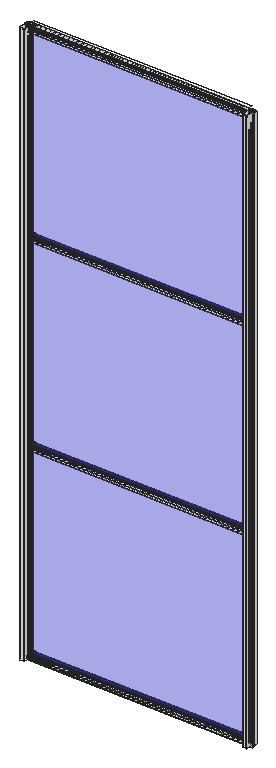
Revit family "Facade_60_Curtain_Wall_E13_Standard", category Windows, host Wall, Revit 2014
Parameters (values of type "F60-E13-3075-2000Pa")
  Windload Design [instance] = if(Custom Windload < 1001 mm, 1000 mm, if(Custom Windload < 1501 mm, 1500 mm, 2000 mm))  # 2000 mm
  Width [instance] = if(Custom Curtain Wall Width < Limit Door Width Min, Limit Door Width Min, if(Custom Curtain Wall Width > Limit Door Width Max, Limit Door Width Max, Custom Curtain Wall Width))  # 2990 mm
  Wall Thickness [instance] = 200 mm
  Vertical Profile Length [instance] = Height - Frame Bottom Gap  # 7460 mm
  URL = "http://www.crealco.co.za/crealco-products.php"
  Type Comments = ""
  Thermal Resistance (R) [instance] = if(IGDB or SAGDB Number = 100100, 1.0000 (m²·K)/W / Intruderprufe U Value, if(IGDB or SAGDB Number = 100100, 1.0000 (m²·K)/W / Intruderprufe U Value, if(IGDB or SAGDB Number = 105003, 1.0000 (m²·K)/W / Intruderprufe Insulated U Value, if(IGDB or SAGDB Number = 105004, 1.0000 (m²·K)/W / Intruderprufe Insulated LowE U Value, 1.0000 (m²·K)/W / 7.9)))) * 1  # 0.126582 (m²·K)/W
  Thermal Break Material = Plastic, Opaque Black
  Solar Heat Gain Coefficient [instance] = if(IGDB or SAGDB Number = 100100, Intruderprufe SHGC Value, if(IGDB or SAGDB Number = 103200, Intruderprufe LowE SHGC Value, if(IGDB or SAGDB Number = 105003, Intruderprufe Insulated SHGC Value, if(IGDB or SAGDB Number = 105004, Intruderprufe Insulated LowE SHGC Value, 0))))  # 0
  Single Glazing [instance] = if(DG Forced, 1 = 0, not(Double Glazing))  # no
  Sill Height = 85 mm  # constant formula
  SG Forced [instance] = not(DG Forced)  # no
  Quarter Expansion Break = yes
  Overall Width [instance] = 2990 mm
  Overall Height [instance] = 7490 mm
  Mullion Configuration = 1 mm  # constant formula
  Model = "Façade 60 "  # constant formula
  Transom Vertical Spacing [instance] = (Height - Frame Bottom Gap - (4 mm * 60)) / 3  # 2406.667 mm
  Mid Glazing Bottom Gap [instance] = Frame Bottom Gap + 60 mm + Transom Vertical Spacing + 39.8 mm  # 2536.467 mm
  Max System DG Unit Thickness = 25 mm  # constant formula
  Max System DG One Piece Thickness [instance] = rounddown((Max System DG Unit Thickness - DG Gasket Thickness) / 2 mm) * 1 mm  # 6 mm
  Max Pane Area [instance] = Glazing Width * Glazing Height  # 7.12194 m²
  Manufacturer = "Crealco"  # constant formula
  Limit Door Width Min = Limit Panel Width Min + (2 * Glazing Side Gap)  # 379.6 mm
  Limit Door Width Max = Limit Panel Width Max + (2 * Glazing Side Gap)  # 3079.6 mm
  Limit Door Height Min = (3 * Limit Panel Height Min) + 69.8 mm + (2 mm * 19.6) + 39.8 mm  # 1048.8 mm
  Limit Door Height Max = (3 * Limit Panel Height Max) + 69.8 mm + (2 mm * 19.6) + 39.8 mm  # 18148.8 mm
  Limit Panel Width Min = 300 mm  # constant formula
  Limit Panel Width Max = 3000 mm  # constant formula
  Limit Panel Height Min = 300 mm  # constant formula
  Limit Panel Height Max = 6000 mm  # constant formula
  Sill Length [instance] = Width  # 2990 mm
  Length Sill [instance] = Width  # 2990 mm
  Keynote = ""
  Jamb Width = 60 mm  # constant formula
  Intruderprufe U Value = 5.75
  Intruderprufe SHGC Value = 0.748
  Intruderprufe LowE U Value = 3.98
  Intruderprufe LowE SHGC Value = 0.655
  Intruderprufe Insulated U Value = 2.88
  Intruderprufe Insulated SHGC Value = 0.643
  Intruderprufe Insulated LowE U Value = 2.17
  Intruderprufe Insulated LowE SHGC Value = 0.579
  Horizontal Profile Length [instance] = Width - (2 * Jamb Width)  # 2870 mm
  Half Expansion Break = no
  Glazing Width [instance] = Horizontal Profile Length + (2 mm * 20.2)  # 2910.4 mm
  Glazing Top Gap = 39.8 mm  # constant formula
  Glazing Side Gap = 39.8 mm  # constant formula
  Glazing Height [instance] = (Height - Glazing Top Gap - Glazing Bottom Gap - (2 * (60 mm - 20.2 mm - 20.2 mm))) / 3  # 2447.067 mm
  Glazing Gap SG [instance] = (14 mm - SG Thickness) / 2  # 2 mm
  Glazing Gap DG [instance] = (28 mm - (DG Thickness + DG Thickness + DG Gasket Thickness)) / 2  # 2 mm
  Glazing Bottom Gap = 69.8 mm  # constant formula
  Frame Thickness = 101.8 mm  # constant formula
  Frame Bottom Gap = 30 mm  # constant formula
  Door Leaf Height [instance] = 2050 mm
  Double Glazing [instance] = yes
  DG Thickness Calc [instance] = if(not(Max Pane Area > 1.125 m²), 4 mm, if(not(Max Pane Area > 2.25 m²), 4 mm, if(not(Max Pane Area > 3.15 m²), 5 mm, if(not(Max Pane Area > 4.35 m²), 6 mm, if(not(Max Pane Area > 6.45 m²), 8 mm, 10 mm)))))  # 10 mm
  DG Thickness [instance] = if(IGDB or SAGDB Number = 105003, 6 mm, if(IGDB or SAGDB Number = 105004, 7 mm, if(DG Thickness Calc > Max System DG One Piece Thickness, Max System DG One Piece Thickness, DG Thickness Calc)))  # 6 mm
  DG Gasket Thickness = 12 mm  # constant formula
  DG Gasket Finish [instance] = Double Glazing Gasket Material
  DG Forced [instance] = if(IGDB or SAGDB Number = 100100, 1 = 0, if(IGDB or SAGDB Number = 103200, 1 = 0, if(IGDB or SAGDB Number = 105003, 1 = 1, if(IGDB or SAGDB Number = 105004, 1 = 1, Double Glazing))))  # yes
  IGDB or SAGDB Number [instance] = 0
  Height [instance] = if(Custom Curtain Wall Height < Limit Door Height Min, Limit Door Height Min, if(Custom Curtain Wall Height > Limit Door Height Max, Limit Door Height Max, Custom Curtain Wall Height))  # 7490 mm
  Heat Transfer Coefficient (U) [instance] = if(IGDB or SAGDB Number = 100100, Intruderprufe U Value, if(IGDB or SAGDB Number = 103200, Intruderprufe LowE U Value, if(IGDB or SAGDB Number = 105003, Intruderprufe Insulated U Value, if(IGDB or SAGDB Number = 105004, Intruderprufe Insulated LowE U Value, 7.9)))) * 1.0000 W/(m²·K)  # 7.9000 W/(m²·K)
  SG Thickness [instance] = if(IGDB or SAGDB Number = 100100, 6 mm, if(IGDB or SAGDB Number = 103200, 7 mm, if(not(Max Pane Area > 0.75 m²), 4 mm, if(not(Max Pane Area > 1.50 m²), 4 mm, if(not(Max Pane Area > 2.10 m²), 5 mm, if(not(Max Pane Area > 2.90 m²), 6.4 mm, if(not(Max Pane Area > 4.30 m²), 8 mm, 10 mm)))))))  # 10 mm
  Glazing Material [instance] = if(IGDB or SAGDB Number = 100100, "PFG INTRUDERPRUFE 6.38mm", if(IGDB or SAGDB Number = 103200, "PFG INTRUDERPRUFE LOW-E 7.38mm", if(IGDB or SAGDB Number = 105003, "PFG 25mm INTRUDERPRUFE INSULATED GLASS", if(IGDB or SAGDB Number = 105004, "PFG 25mm INTRUDERPRUFE INSULATED GLASS LOW-E", "Unknown"))))  # "Unknown"
  Glazing Finish [instance] = Glass
  Glazing Code [instance] = if(IGDB or SAGDB Number = 100100, "LAM01", if(IGDB or SAGDB Number = 103200, "LAM01E", if(IGDB or SAGDB Number = 105003, "IGU25", if(IGDB or SAGDB Number = 105004, "IGU25E", "Unknown"))))  # "Unknown"
  Frame Offset From Exterior [instance] = if(Centered In Wall, (Wall Thickness - Frame Thickness) / 2, Custom Offset From Exterior) + 5.9 mm  # 55 mm
  Description = "Curtain wall, E13"  # constant formula
  Default Sill Height = 0 mm
  Wall Closure = By host
  Custom Curtain Wall Width = 2990 mm
  Custom Curtain Wall Height = 7490 mm
  Custom Windload = 2000 mm
  Custom Offset From Exterior = 10 mm
  Centered In Wall [instance] = 1 = 1  # yes
  Aluminium Finish [instance] = White Powder Coated Aluminium ANP 1052
  All Available Glazing Numbers [instance] = "The rows below list the available glazing materials for this window:"  # constant formula
  190mm Mullion = if(Mullion Configuration = 3 mm, 1 = 1, 1 = 0)  # no
  160mm Mullion = if(Mullion Configuration = 2 mm, 1 = 1, 1 = 0)  # no
  105004 [instance] = "IGU25E"  # constant formula
  105003 [instance] = "IGU25"  # constant formula
  103200 [instance] = "LAM01E"  # constant formula
  100mm Mullion = if(or(Mullion Configuration = 2 mm, Mullion Configuration = 3 mm), 1 = 0, 1 = 1)  # yes
  100100 [instance] = "LAM01"  # constant formula
Reference planes
  plane 1 "Center (Front/Back)": y = 0
  plane 2 "Center (Left/Right)": x = 0
  plane 3 "Left": x = -1495
  plane 4 "Right": x = 1495
  plane 5 "Sill": z = 0
  plane 6 "Head": z = 7490
  plane 7 "Exterior": y = 100
  plane 8 "Interior": y = -100
Lines and regions (mm)
  Opening 1
    outline origin (3507.082, -100, 0) x (1, 0, 0) y (0, 0, 1)
      loop
        line (-2012.082, 0) -> (-2012.082, 7490) -> (-5002.082, 7490) -> (-5002.082, 0) -> (-2012.082, 0)
Text (mm)
  text "EXTERIOR" at (-1963.203, 1332.353, 0), in view "Ref. Level"
  text "INTERIOR" at (-1981.466, -818.386, 0), in view "Ref. Level"
  text "Exterior" at (0, 923.751, 2943.296), in view "Right"
  text "Exterior" at (0, 1040.484, 2685.409), in view "Left"
Dimensions and locks
  equal spacing: plane 3 "Left", plane 2 "Center (Left/Right)", plane 4 "Right"
  "Width": plane 3 "Left" to plane 4 "Right"
  "Height": plane 5 "Sill" to plane 6 "Head"
  "Default Sill Height": plane 5 "Sill" to level
  locked: plane 7 "Exterior" to host wall at 0
  locked: plane 8 "Interior" to host wall
  "Overall Height": plane 6 "Head" to plane 5 "Sill"
  "Overall Width": plane 3 "Left" to plane 4 "Right"
  "Wall Thickness": host wall to host wall
  "Jamb Width": nested 3 to plane 4 "Right"
  "Jamb Width": nested 5 to plane 4 "Right"
  "Frame Bottom Gap": nested 5 to level
  "Frame Offset From Exterior": nested 1 to plane 7 "Exterior"
  "Glazing Side Gap": nested 6 to plane 4 "Right"
  "Glazing Top Gap": nested 6 to plane 6 "Head"
  "Glazing Gap SG": nested 6 to nested 1
  "Glazing Side Gap": nested 7 to plane 4 "Right"
  "Glazing Top Gap": nested 7 to plane 6 "Head"
  "Glazing Gap DG": nested 7 to nested 1
  "Jamb Width": nested 8 to plane 4 "Right"
  "Glazing Side Gap": nested 9 to plane 4 "Right"
  "Glazing Side Gap": nested 10 to plane 4 "Right"
  "Glazing Gap SG": nested 10 to nested 1
  "Glazing Gap DG": nested 9 to nested 1
  "Glazing Bottom Gap": nested 9 to level
  "Glazing Bottom Gap": nested 10 to level
  locked: nested 1 to nested 5 at 8.887
  "Transom Vertical Spacing": nested 8 to nested 5
  "Jamb Width": nested 11 to plane 4 "Right"
  "Transom Vertical Spacing": nested 11 to nested 8
  "Glazing Side Gap": nested 12 to plane 4 "Right"
  "Glazing Side Gap": nested 13 to plane 4 "Right"
  "Glazing Gap SG": nested 13 to nested 1
  "Glazing Gap DG": nested 12 to nested 1
  "Mid Glazing Bottom Gap": nested 12 to level
  "Mid Glazing Bottom Gap": nested 13 to level
  aligned and locked: plane 4 "Right" to nested 1
  aligned and locked: nested 1 to plane 6 "Head"
  aligned and locked: plane 3 "Left" to nested 2
  aligned and locked: plane 6 "Head" to nested 2
  aligned and locked: nested 3 to plane 6 "Head"
  aligned and locked: nested 1 to nested 3
  aligned and locked: nested 4 to level
  aligned and locked: plane 4 "Right" to nested 4
  aligned and locked: nested 1 to nested 2
  aligned and locked: nested 5 to nested 4
  aligned and locked: nested 8 to nested 3
  aligned and locked: nested 11 to nested 3
Automatic sketch dimensions
  plane 3 "Left" to Opening 1 sketch curve = 0 mm
  plane 4 "Right" to Opening 1 sketch curve = 0 mm
  Opening 1 sketch curve to plane 5 "Sill" = 0 mm
  Opening 1 sketch curve to plane 6 "Head" = 0 mm
Nested families
  nested 1: "F60 Vertical Profile Side_E13_Std" at (1495, -1.058, 30) x (-1, 0, 0) z (0, 0, 1), Thermal Break Material <- "Thermal Break Material", Profile Material <- "Aluminium Finish", Length <- "Vertical Profile Length", Single Glazing <- "SG Forced", Double Glazing <- "DG Forced", 100mm Mullion <- "100mm Mullion", 160mm Mullion <- "160mm Mullion", 190mm Mullion <- "190mm Mullion", Quarter Expansion Break <- "Quarter Expansion Break", Half Expansion Break <- "Half Expansion Break", type "F60 Vertical Profile Side_E13_Std"
    with Thermal Break Material Plastic, Opaque Black, Single Glazing no, Quarter SG Expansion Break no, Quarter Length 1865 mm, Quarter Expansion Break yes, Quarter DG Expansion Break yes, Quarter 190mm Expansion Break no, Quarter 160mm Expansion Break no, Quarter 100mm Expansion Break yes, Profile Material White Powder Coated Aluminium ANP 1052, Length 7460 mm, Half SG Expansion Break no, Half Length 3730 mm, Half Expansion Break no, Half DG Expansion Break no, Half 190mm Expansion Joint no, Half 160mm Expansion Break no, Half 100mm Expansion Break no, Double Glazing yes, 190mm Mullion no, 160mm Mullion no, 100mm Mullion yes
  nested 2: "F60 Vertical Profile Side_E13_Std" at (-1495, -1.058, 30), Thermal Break Material <- "Thermal Break Material", Profile Material <- "Aluminium Finish", Length <- "Vertical Profile Length", Single Glazing <- "SG Forced", Double Glazing <- "DG Forced", 100mm Mullion <- "100mm Mullion", 160mm Mullion <- "160mm Mullion", 190mm Mullion <- "190mm Mullion", Quarter Expansion Break <- "Quarter Expansion Break", Half Expansion Break <- "Half Expansion Break", type "F60 Vertical Profile Side_E13_Std"
    with Thermal Break Material Plastic, Opaque Black, Single Glazing no, Quarter SG Expansion Break no, Quarter Length 1865 mm, Quarter Expansion Break yes, Quarter DG Expansion Break yes, Quarter 190mm Expansion Break no, Quarter 160mm Expansion Break no, Quarter 100mm Expansion Break yes, Profile Material White Powder Coated Aluminium ANP 1052, Length 7460 mm, Half SG Expansion Break no, Half Length 3730 mm, Half Expansion Break no, Half DG Expansion Break no, Half 190mm Expansion Joint no, Half 160mm Expansion Break no, Half 100mm Expansion Break no, Double Glazing yes, 190mm Mullion no, 160mm Mullion no, 100mm Mullion yes
  nested 3: "F60 Horizontal Profile Top_E13_Std" at (1435, -50.858, 7430) x (-1, 0, 0) z (0, 0, 1), Thermal Break Material <- "Thermal Break Material", Profile Material <- "Aluminium Finish", Length <- "Horizontal Profile Length", Single Glazing <- "SG Forced", Double Glazing <- "DG Forced", type "F60 Horizontal Profile Top_E13_Std"
    with Thermal Break Material Plastic, Opaque Black, Single Glazing no, Profile Material White Powder Coated Aluminium ANP 1052, Length 2870 mm, Double Glazing yes
  nested 4: "F60 Sill_E13_Std" at (1495, -13.486, -1.88) x (-1, 0, 0) z (0, 0, 1), Profile Material <- "Aluminium Finish", Length Sill <- "Length Sill", type "F60 Sill_E13_Std"
    with Profile Material White Powder Coated Aluminium ANP 1052, Length Sill 2990 mm
  nested 5: "F60 Horizontal Profile Bottom_E13_Std" at (1435, -50.858, 30) x (-1, 0, 0) z (0, 0, 1), Thermal Break Material <- "Thermal Break Material", Profile Material <- "Aluminium Finish", Length <- "Horizontal Profile Length", Single Glazing <- "SG Forced", Double Glazing <- "DG Forced", type "F60 Horizontal Profile Bottom_E13_Std"
    with Thermal Break Material Plastic, Opaque Black, Single Glazing no, Profile Material White Powder Coated Aluminium ANP 1052, Length 2870 mm, Double Glazing yes
  nested 6: "F60_Single_Glazing_E13_Std" at (1455.2, 10.942, 5003.133), Glazing Width <- "Glazing Width", Glazing Height <- "Glazing Height", SG Thickness <- "SG Thickness", Glazing Finish <- "Glazing Finish", visible <- "SG Forced", type "F60_Single_Glazing_E13_Std"
    with SG Thickness 10 mm, Glazing Width 2910.4 mm, Glazing Height 2447.067 mm, Glazing Finish Glass
  nested 7: "F60_Double_Glazing_E13_Std" at (1455.2, 24.942, 5003.133), Glazing Material <- "Glazing Finish", Double Glazing Gasket Material <- "DG Gasket Finish", Glazing Width <- "Glazing Width", Glazing Height <- "Glazing Height", Glazing Thickness DG <- "DG Thickness", Double Glazing Gasket Thickness <- "DG Gasket Thickness", visible <- "DG Forced", type "F60_Double_Glazing_E13_Std"
    with Glazing Width 2910.4 mm, Glazing Thickness DG 6 mm, Glazing Material Glass, Glazing Height 2447.067 mm, Double Glazing Gasket Thickness 12 mm, Double Glazing Gasket Material Double Glazing Gasket Material
  nested 8: "F60 Horizontal Profile Middle_E13_Std" at (1435, -50.858, 2496.667) x (-1, 0, 0) z (0, 0, 1), Thermal Break Material <- "Thermal Break Material", Profile Material <- "Aluminium Finish", Length <- "Horizontal Profile Length", Single Glazing <- "SG Forced", Double Glazing <- "DG Forced", type "F60 Horizontal Profile Middle_E13_Std"
    with Thermal Break Material Plastic, Opaque Black, Single Glazing no, Profile Material White Powder Coated Aluminium ANP 1052, Length 2870 mm, Double Glazing yes
  nested 9: "F60_Double_Glazing_E13_Std" at (1455.2, 24.942, 69.8), Glazing Material <- "Glazing Finish", Double Glazing Gasket Material <- "DG Gasket Finish", Glazing Width <- "Glazing Width", Glazing Height <- "Glazing Height", Glazing Thickness DG <- "DG Thickness", Double Glazing Gasket Thickness <- "DG Gasket Thickness", visible <- "DG Forced", type "F60_Double_Glazing_E13_Std"
    with Glazing Width 2910.4 mm, Glazing Thickness DG 6 mm, Glazing Material Glass, Glazing Height 2447.067 mm, Double Glazing Gasket Thickness 12 mm, Double Glazing Gasket Material Double Glazing Gasket Material
  nested 10: "F60_Single_Glazing_E13_Std" at (1455.2, 10.942, 69.8), Glazing Width <- "Glazing Width", Glazing Height <- "Glazing Height", SG Thickness <- "SG Thickness", Glazing Finish <- "Glazing Finish", visible <- "SG Forced", type "F60_Single_Glazing_E13_Std"
    with SG Thickness 10 mm, Glazing Width 2910.4 mm, Glazing Height 2447.067 mm, Glazing Finish Glass
  nested 11: "F60 Horizontal Profile Middle_E13_Std" at (1435, -50.858, 4963.333) x (-1, 0, 0) z (0, 0, 1), Thermal Break Material <- "Thermal Break Material", Profile Material <- "Aluminium Finish", Length <- "Horizontal Profile Length", Single Glazing <- "SG Forced", Double Glazing <- "DG Forced", type "F60 Horizontal Profile Middle_E13_Std"
    with Thermal Break Material Plastic, Opaque Black, Single Glazing no, Profile Material White Powder Coated Aluminium ANP 1052, Length 2870 mm, Double Glazing yes
  nested 12: "F60_Double_Glazing_E13_Std" at (1455.2, 24.942, 2536.467), Glazing Material <- "Glazing Finish", Double Glazing Gasket Material <- "DG Gasket Finish", Glazing Width <- "Glazing Width", Glazing Height <- "Glazing Height", Glazing Thickness DG <- "DG Thickness", Double Glazing Gasket Thickness <- "DG Gasket Thickness", visible <- "DG Forced", type "F60_Double_Glazing_E13_Std"
    with Glazing Width 2910.4 mm, Glazing Thickness DG 6 mm, Glazing Material Glass, Glazing Height 2447.067 mm, Double Glazing Gasket Thickness 12 mm, Double Glazing Gasket Material Double Glazing Gasket Material
  nested 13: "F60_Single_Glazing_E13_Std" at (1455.2, 10.942, 2536.467), Glazing Width <- "Glazing Width", Glazing Height <- "Glazing Height", SG Thickness <- "SG Thickness", Glazing Finish <- "Glazing Finish", visible <- "SG Forced", type "F60_Single_Glazing_E13_Std"
    with SG Thickness 10 mm, Glazing Width 2910.4 mm, Glazing Height 2447.067 mm, Glazing Finish Glass
Definition of nested family "F60 Vertical Profile Side_E13_Std"
  Parameters (values of type "F60 Vertical Profile Side")
    Quarter SG Expansion Break [instance] = if(and(Quarter Expansion Break, Single Glazing), 1 = 1, 1 = 0)  # yes
    Quarter Length [instance] = Length / 4  # 62.5 mm
    Thermal Break Material [instance] = none
    Single Glazing [instance] = yes
    Quarter Expansion Break [instance] = yes
    Quarter DG Expansion Break [instance] = if(and(Quarter Expansion Break, Double Glazing), 1 = 1, 1 = 0)  # yes
    Quarter 190mm Expansion Break [instance] = if(and(Quarter Expansion Break, [190mm Mullion]), 1 = 1, 1 = 0)  # yes
    Quarter 160mm Expansion Break [instance] = if(and(Quarter Expansion Break, [160mm Mullion]), 1 = 1, 1 = 0)  # yes
    Quarter 100mm Expansion Break [instance] = if(and(Quarter Expansion Break, [100mm Mullion]), 1 = 1, 1 = 0)  # yes
    Profile Material [instance] = none
    Length [instance] = 250 mm
    Half SG Expansion Break [instance] = if(and(Half Expansion Break, Single Glazing), 1 = 1, 1 = 0)  # yes
    Half Length [instance] = Length / 2  # 125 mm
    Half Expansion Break [instance] = yes
    Half DG Expansion Break [instance] = if(and(Half Expansion Break, Double Glazing), 1 = 1, 1 = 0)  # yes
    Half 190mm Expansion Joint [instance] = if(and(Half Expansion Break, [190mm Mullion]), 1 = 1, 1 = 0)  # yes
    Half 160mm Expansion Break [instance] = if(and(Half Expansion Break, [160mm Mullion]), 1 = 1, 1 = 0)  # yes
    Half 100mm Expansion Break [instance] = if(and(Half Expansion Break, [100mm Mullion]), 1 = 1, 1 = 0)  # yes
    Double Glazing [instance] = yes
    190mm Mullion [instance] = yes
    160mm Mullion [instance] = yes
    100mm Mullion [instance] = yes
  Reference planes
    plane 1 "Center (Front/Back)": y = 0
    plane 2: z = 0
    plane 3 "Center (Left/Right)": x = 0
  Forms (mm)
    Extrusion 1, solid, material <- "Profile Material"
      sketch origin (0, 0, 0) x (1, 0, 0) y (0, 1, 0)
        loop
          arc (25.249, -8.7) -> (25.484, -9.266) -> (26.049, -9.5) r 0.8
          line (26.049, -9.5) -> (27.1, -9.5) -> (27.1, 7) -> (32.902, 7) -> (32.902, -9.5) -> (33.951, -9.5)
          arc (33.951, -9.5) -> (34.516, -9.266) -> (34.751, -8.7) r 0.8
          line (34.751, -8.7) -> (34.751, 6.2)
          arc (34.751, 6.2) -> (34.985, 6.766) -> (35.551, 7) r 0.8
          line (35.551, 7) -> (52.1, 7) -> (52.1, 5.4) -> (50.55, 5.4) -> (50.55, 4.55)
          arc (50.55, 4.55) -> (50.726, 4.126) -> (51.15, 3.95) r 0.6
          line (51.15, 3.95) -> (52.1, 3.95) -> (52.1, 1)
          arc (52.1, 1) -> (51.6, 0.5) -> (52.1, 0) r 0.5
          line (52.1, 0) -> (54.45, 0) -> (54.45, 1.15) -> (53.3, 1.15) -> (53.3, 2.45) -> (58.8, 2.45) -> (58.8, 1.15) -> (57.65, 1.15) -> (57.65, 0) -> (59.5, 0)
          arc (59.5, 0) -> (59.854, 0.146) -> (60, 0.5) r 0.5
          line (60, 0.5) -> (60, 3.9) -> (53.55, 3.9) -> (53.55, 7.6)
          arc (53.55, 7.6) -> (53.316, 8.166) -> (52.75, 8.4) r 0.8
          line (52.75, 8.4) -> (30, 8.4) -> (7.25, 8.4)
          arc (7.25, 8.4) -> (6.684, 8.166) -> (6.45, 7.6) r 0.8
          line (6.45, 7.6) -> (6.45, 3.9) -> (0, 3.9) -> (0, 0.5)
          arc (0, 0.5) -> (0.146, 0.146) -> (0.5, 0) r 0.5
          line (0.5, 0) -> (2.35, 0) -> (2.35, 1.15) -> (1.2, 1.15) -> (1.2, 2.45) -> (6.7, 2.45) -> (6.7, 1.15) -> (5.55, 1.15) -> (5.55, 0) -> (7.9, 0)
          arc (7.9, 0) -> (8.4, 0.5) -> (7.9, 1) r 0.5
          line (7.9, 1) -> (7.9, 3.95) -> (8.85, 3.95)
          arc (8.85, 3.95) -> (9.274, 4.126) -> (9.45, 4.55) r 0.6
          line (9.45, 4.55) -> (9.45, 5.4) -> (7.9, 5.4) -> (7.9, 7) -> (24.449, 7)
          arc (24.449, 7) -> (25.015, 6.766) -> (25.249, 6.2) r 0.8
          line (25.249, 6.2) -> (25.249, -8.7)
      from 0 to 250 <- "Length"
    Extrusion 2, solid, material <- "Thermal Break Material"
      sketch origin (0, 0, 0) x (1, 0, 0) y (0, 1, 0)
        loop
          line (1.75, 9.8) -> (1.75, 5.2) -> (0, 5.2) -> (0, 3.9) -> (6.35, 3.9) -> (6.35, 7.856)
          arc (6.35, 7.856) -> (6.526, 8.281) -> (6.95, 8.456) r 0.6
          line (6.95, 8.456) -> (30, 8.456) -> (53.05, 8.456)
          arc (53.05, 8.456) -> (53.474, 8.281) -> (53.65, 7.856) r 0.6
          line (53.65, 7.856) -> (53.65, 3.9) -> (60, 3.9) -> (60, 5.2) -> (58.25, 5.2) -> (58.25, 9.8) -> (30, 9.8) -> (1.75, 9.8)
      from 0 to 250 <- "Length"
    Extrusion 3, solid, material <- "Thermal Break Material", visible <- "Single Glazing"
      sketch origin (0, 0, 0) x (1, 0, 0) y (0, 1, 0)
        loop
          line (25.749, -14.011) -> (27.672, -14.011) -> (28.481, -12.611) -> (31.518, -12.611) -> (32.327, -14.011) -> (34.249, -14.011)
          arc (34.249, -14.011) -> (34.603, -13.864) -> (34.749, -13.511) r 0.5
          line (34.749, -13.511) -> (34.749, -10.011)
          arc (34.749, -10.011) -> (34.603, -9.657) -> (34.249, -9.511) r 0.5
          line (34.249, -9.511) -> (32.352, -9.511) -> (32.352, 0.19) -> (31.349, 2.261)
          arc (31.349, 2.261) -> (29.999, 2.986) -> (28.649, 2.261) r 1.62
          line (28.649, 2.261) -> (27.647, 0.19) -> (27.647, -9.511) -> (25.749, -9.511)
          arc (25.749, -9.511) -> (25.396, -9.657) -> (25.249, -10.011) r 0.5
          line (25.249, -10.011) -> (25.249, -13.511)
          arc (25.249, -13.511) -> (25.396, -13.864) -> (25.749, -14.011) r 0.5
        loop
          line (28.504, -10.005) -> (28.504, -10.861)
          arc (28.504, -10.861) -> (28.651, -11.214) -> (29.004, -11.361) r 0.5
          line (29.004, -11.361) -> (30.994, -11.361)
          arc (30.994, -11.361) -> (31.348, -11.214) -> (31.494, -10.861) r 0.5
          line (31.494, -10.861) -> (31.494, -10.005) -> (30.708, -9.219)
          arc (30.708, -9.219) -> (30.383, -9.001) -> (29.999, -8.924) r 1.007
          arc (29.999, -8.924) -> (29.616, -8.999) -> (29.292, -9.217) r 0.986
          line (29.292, -9.217) -> (28.504, -10.005)
        loop
          arc (30.896, 1.935) -> (29.887, 2.44) -> (29.005, 1.735) r 1.047
          line (29.005, 1.735) -> (28.347, 0.374) -> (28.347, -6.993)
          arc (28.347, -6.993) -> (28.583, -7.417) -> (29.068, -7.441) r 0.5
          arc (29.068, -7.441) -> (29.999, -7.223) -> (30.93, -7.441) r 2.099
          arc (30.93, -7.441) -> (31.416, -7.417) -> (31.652, -6.993) r 0.5
          line (31.652, -6.993) -> (31.652, 0.374) -> (30.896, 1.935)
      from 0 to 250 <- "Length"
    Extrusion 4, solid, material <- "Profile Material", visible <- "Single Glazing"
      sketch origin (0, 0, 0) x (1, 0, 0) y (0, 1, 0)
        loop
          line (52.693, -14.011) -> (32.327, -14.011) -> (31.519, -12.611) -> (28.481, -12.611) -> (27.673, -14.011) -> (7.307, -14.011) -> (7.307, -15.011) -> (8.457, -15.011) -> (8.457, -16.261) -> (2.957, -16.261) -> (2.957, -15.011) -> (4.107, -15.011) -> (4.107, -14.011) -> (1.707, -14.011)
          arc (1.707, -14.011) -> (1.199, -14.293) -> (1.168, -14.873) r 0.6
          line (1.168, -14.873) -> (2.093, -16.772) -> (1.015, -17.298) -> (1.484, -18.261) -> (11.488, -18.261)
          arc (11.488, -18.261) -> (11.913, -18.085) -> (12.088, -17.661) r 0.6
          line (12.088, -17.661) -> (12.088, -16.811) -> (47.912, -16.811) -> (47.912, -17.661)
          arc (47.912, -17.661) -> (48.088, -18.085) -> (48.512, -18.261) r 0.6
          line (48.512, -18.261) -> (58.518, -18.261) -> (58.987, -17.298) -> (57.908, -16.772) -> (58.834, -14.874)
          arc (58.834, -14.874) -> (58.802, -14.293) -> (58.293, -14.011) r 0.6
          line (58.293, -14.011) -> (55.893, -14.011) -> (55.893, -15.011) -> (57.043, -15.011) -> (57.043, -16.261) -> (51.543, -16.261) -> (51.543, -15.011) -> (52.693, -15.011) -> (52.693, -14.011)
      from 0 to 250 <- "Length"
    Extrusion 5, solid, material <- "Profile Material", visible <- "Single Glazing"
      sketch origin (0, 0, 0) x (1, 0, 0) y (0, 1, 0)
        loop
          line (2.801, -18.261) -> (1.484, -18.261) -> (1.015, -17.298) -> (2.093, -16.772) -> (0.779, -14.076)
          arc (0.779, -14.076) -> (0.239, -14.21) -> (0.001, -14.713) r 0.65
          line (0.001, -14.713) -> (0.001, -28.068)
          arc (0.001, -28.068) -> (1.172, -30.897) -> (4.001, -32.068) r 4
          line (4.001, -32.068) -> (30.001, -32.068) -> (56.001, -32.068)
          arc (56.001, -32.068) -> (58.829, -30.897) -> (60.001, -28.068) r 4
          line (60.001, -28.068) -> (60.001, -14.713)
          arc (60.001, -14.713) -> (59.763, -14.21) -> (59.223, -14.076) r 0.65
          line (59.223, -14.076) -> (57.908, -16.772) -> (58.987, -17.298) -> (58.518, -18.261) -> (57.201, -18.261)
          arc (57.201, -18.261) -> (56.83, -18.425) -> (56.703, -18.811) r 0.5
          arc (56.703, -18.811) -> (56.83, -19.196) -> (57.201, -19.361) r 0.5
          line (57.201, -19.361) -> (58.951, -19.361) -> (58.951, -27.968)
          arc (58.951, -27.968) -> (58.131, -29.948) -> (56.151, -30.768) r 2.8
          line (56.151, -30.768) -> (30.001, -30.768) -> (3.851, -30.768)
          arc (3.851, -30.768) -> (1.871, -29.948) -> (1.051, -27.968) r 2.8
          line (1.051, -27.968) -> (1.051, -19.361) -> (2.801, -19.361)
          arc (2.801, -19.361) -> (3.172, -19.196) -> (3.298, -18.811) r 0.5
          arc (3.298, -18.811) -> (3.172, -18.425) -> (2.801, -18.261) r 0.5
      from 0 to 250 <- "Length"
    Extrusion 6, solid, material <- "Profile Material", visible <- "100mm Mullion"
      sketch origin (0, 0, 0) x (1, 0, 0) y (0, 1, 0)
        loop
          line (14.02, 13) -> (45.98, 13)
          arc (45.98, 13) -> (46.539, 12.842) -> (46.917, 12.4) r 1
          arc (46.917, 12.4) -> (47.285, 11.963) -> (47.833, 11.8) r 1
          line (47.833, 11.8) -> (58.15, 11.8) -> (58.15, 96.3) -> (47.833, 96.3)
          arc (47.833, 96.3) -> (47.285, 96.137) -> (46.917, 95.7) r 1
          arc (46.917, 95.7) -> (46.548, 95.263) -> (46, 95.1) r 1
          line (46, 95.1) -> (14, 95.1)
          arc (14, 95.1) -> (13.452, 95.263) -> (13.083, 95.7) r 1
          arc (13.083, 95.7) -> (12.715, 96.137) -> (12.167, 96.3) r 1
          line (12.167, 96.3) -> (1.85, 96.3) -> (1.85, 11.8) -> (12.167, 11.8)
          arc (12.167, 11.8) -> (12.715, 11.963) -> (13.083, 12.4) r 1
          arc (13.083, 12.4) -> (13.461, 12.842) -> (14.02, 13) r 1
        loop
          line (1.65, 9.856) -> (58.35, 9.856) -> (58.35, 5.2) -> (60, 5.2) -> (60, 98.8)
          arc (60, 98.8) -> (59.707, 99.507) -> (59, 99.8) r 1
          line (59, 99.8) -> (1, 99.8)
          arc (1, 99.8) -> (0.293, 99.507) -> (0, 98.8) r 1
          line (0, 98.8) -> (0, 5.2) -> (1.65, 5.2) -> (1.65, 9.856)
      from 0 to 250 <- "Length"
    Extrusion 7, solid, material <- "Profile Material", visible <- "160mm Mullion"
      sketch origin (0, 0, 0) x (1, 0, 0) y (0, 1, 0)
        loop
          arc (2.35, 15.6) -> (2.526, 15.176) -> (2.95, 15) r 0.6
          line (2.95, 15) -> (57.05, 15)
          arc (57.05, 15) -> (57.474, 15.176) -> (57.65, 15.6) r 0.6
          line (57.65, 15.6) -> (57.65, 153.7)
          arc (57.65, 153.7) -> (57.474, 154.124) -> (57.05, 154.3) r 0.6
          line (57.05, 154.3) -> (47.833, 154.3)
          arc (47.833, 154.3) -> (47.285, 154.137) -> (46.917, 153.7) r 1
          arc (46.917, 153.7) -> (46.548, 153.263) -> (46, 153.1) r 1
          line (46, 153.1) -> (14, 153.1)
          arc (14, 153.1) -> (13.452, 153.263) -> (13.083, 153.7) r 1
          arc (13.083, 153.7) -> (12.715, 154.137) -> (12.167, 154.3) r 1
          line (12.167, 154.3) -> (2.95, 154.3)
          arc (2.95, 154.3) -> (2.526, 154.124) -> (2.35, 153.7) r 0.6
          line (2.35, 153.7) -> (2.35, 15.6)
        loop
          arc (1, 159.8) -> (0.293, 159.507) -> (0, 158.8) r 1
          line (0, 158.8) -> (0, 5.2) -> (1.65, 5.2) -> (1.65, 10.013) -> (58.35, 10.013) -> (58.35, 5.2) -> (60, 5.2) -> (60, 158.8)
          arc (60, 158.8) -> (59.707, 159.507) -> (59, 159.8) r 1
          line (59, 159.8) -> (1, 159.8)
      from 0 to 250 <- "Length"
    Extrusion 8, solid, material <- "Profile Material", visible <- "190mm Mullion"
      sketch origin (0, 0, 0) x (1, 0, 0) y (0, 1, 0)
        loop
          line (57.25, 15.1) -> (57.25, 178.3)
          arc (57.25, 178.3) -> (56.957, 179.007) -> (56.25, 179.3) r 1
          line (56.25, 179.3) -> (3.75, 179.3)
          arc (3.75, 179.3) -> (3.043, 179.007) -> (2.75, 178.3) r 1
          line (2.75, 178.3) -> (2.75, 15.1)
          arc (2.75, 15.1) -> (2.984, 14.534) -> (3.55, 14.3) r 0.8
          line (3.55, 14.3) -> (56.45, 14.3)
          arc (56.45, 14.3) -> (57.016, 14.534) -> (57.25, 15.1) r 0.8
        loop
          line (60, 5.2) -> (60, 188.8)
          arc (60, 188.8) -> (59.707, 189.507) -> (59, 189.8) r 1
          line (59, 189.8) -> (1, 189.8)
          arc (1, 189.8) -> (0.293, 189.507) -> (0, 188.8) r 1
          line (0, 188.8) -> (0, 5.2) -> (1.65, 5.2) -> (1.65, 9.856) -> (58.35, 9.856) -> (58.35, 5.2) -> (60, 5.2)
      from 0 to 250 <- "Length"
    Extrusion 9, solid, material <- "Thermal Break Material", visible <- "Double Glazing"
      sketch origin (0, 0, 0) x (1, 0, 0) y (0, 1, 0)
        loop
          line (27.672, -28) -> (28.48, -26.6) -> (31.518, -26.6) -> (32.326, -28) -> (34.249, -28)
          arc (34.249, -28) -> (34.603, -27.854) -> (34.749, -27.5) r 0.5
          line (34.749, -27.5) -> (34.749, -10)
          arc (34.749, -10) -> (34.603, -9.646) -> (34.249, -9.5) r 0.5
          line (34.249, -9.5) -> (32.352, -9.5) -> (32.352, 0.198) -> (31.348, 2.272)
          arc (31.348, 2.272) -> (29.998, 2.997) -> (28.648, 2.272) r 1.62
          line (28.648, 2.272) -> (27.645, 0.201) -> (27.645, -9.5) -> (25.749, -9.5)
          arc (25.749, -9.5) -> (25.396, -9.646) -> (25.249, -10) r 0.5
          line (25.249, -10) -> (25.249, -27.5)
          arc (25.249, -27.5) -> (25.396, -27.854) -> (25.749, -28) r 0.5
          line (25.749, -28) -> (27.672, -28)
        loop
          arc (30.706, -9.206) -> (30.382, -8.99) -> (29.999, -8.913) r 1.007
          arc (29.999, -8.913) -> (29.616, -8.988) -> (29.292, -9.206) r 0.986
          line (29.292, -9.206) -> (27.142, -11.356)
          arc (27.142, -11.356) -> (26.926, -11.68) -> (26.849, -12.063) r 1
          line (26.849, -12.063) -> (26.849, -24)
          arc (26.849, -24) -> (27.142, -24.707) -> (27.849, -25) r 1
          line (27.849, -25) -> (32.149, -25)
          arc (32.149, -25) -> (32.856, -24.707) -> (33.149, -24) r 1
          line (33.149, -24) -> (33.149, -12.063)
          arc (33.149, -12.063) -> (33.073, -11.68) -> (32.856, -11.356) r 1
          line (32.856, -11.356) -> (30.706, -9.206)
        loop
          arc (28.345, -6.982) -> (28.581, -7.407) -> (29.067, -7.43) r 0.5
          arc (29.067, -7.43) -> (29.998, -7.213) -> (30.929, -7.43) r 2.099
          arc (30.929, -7.43) -> (31.414, -7.407) -> (31.651, -6.982) r 0.5
          line (31.651, -6.982) -> (31.651, 0.385) -> (30.895, 1.946)
          arc (30.895, 1.946) -> (29.885, 2.45) -> (29.004, 1.745) r 1.047
          line (29.004, 1.745) -> (28.345, 0.385) -> (28.345, -6.982)
      from 0 to 250 <- "Length"
    Extrusion 10, solid, material <- "Profile Material", visible <- "Double Glazing"
      sketch origin (0, 0, 0) x (1, 0, 0) y (0, 1, 0)
        loop
          line (52.692, -28) -> (32.327, -28) -> (31.518, -26.6) -> (28.48, -26.6) -> (27.672, -28) -> (7.306, -28) -> (7.306, -29) -> (8.456, -29) -> (8.456, -30.25) -> (2.956, -30.25) -> (2.956, -29) -> (4.106, -29) -> (4.106, -28) -> (1.706, -28)
          arc (1.706, -28) -> (1.198, -28.282) -> (1.167, -28.863) r 0.6
          line (1.167, -28.863) -> (2.093, -30.762) -> (1.014, -31.288) -> (1.483, -32.25) -> (11.488, -32.25)
          arc (11.488, -32.25) -> (11.912, -32.074) -> (12.088, -31.65) r 0.6
          line (12.088, -31.65) -> (12.088, -30.8) -> (47.911, -30.8) -> (47.911, -31.65)
          arc (47.911, -31.65) -> (48.087, -32.074) -> (48.511, -32.25) r 0.6
          line (48.511, -32.25) -> (58.517, -32.25) -> (58.986, -31.288) -> (57.907, -30.762) -> (58.833, -28.864)
          arc (58.833, -28.864) -> (58.801, -28.282) -> (58.292, -28) r 0.6
          line (58.292, -28) -> (55.892, -28) -> (55.892, -29) -> (57.042, -29) -> (57.042, -30.25) -> (51.542, -30.25) -> (51.542, -29) -> (52.692, -29) -> (52.692, -28)
      from 0 to 250 <- "Length"
    Extrusion 11, solid, material <- "Profile Material", visible <- "Double Glazing"
      sketch origin (0, 0, 0) x (1, 0, 0) y (0, 1, 0)
        loop
          line (2.8, -32.25) -> (1.483, -32.25) -> (1.014, -31.288) -> (2.093, -30.762) -> (0.778, -28.065)
          arc (0.778, -28.065) -> (0.238, -28.2) -> (0, -28.702) r 0.65
          line (0, -28.702) -> (0, -42.058)
          arc (0, -42.058) -> (1.172, -44.886) -> (4, -46.058) r 4
          line (4, -46.058) -> (30, -46.058) -> (56, -46.058)
          arc (56, -46.058) -> (58.828, -44.886) -> (60, -42.058) r 4
          line (60, -42.058) -> (60, -28.702)
          arc (60, -28.702) -> (59.762, -28.2) -> (59.222, -28.065) r 0.65
          line (59.222, -28.065) -> (57.907, -30.762) -> (58.986, -31.288) -> (58.517, -32.25) -> (57.2, -32.25)
          arc (57.2, -32.25) -> (56.829, -32.415) -> (56.703, -32.8) r 0.5
          arc (56.703, -32.8) -> (56.829, -33.185) -> (57.2, -33.35) r 0.5
          line (57.2, -33.35) -> (58.95, -33.35) -> (58.95, -41.958)
          arc (58.95, -41.958) -> (58.13, -43.938) -> (56.15, -44.758) r 2.8
          line (56.15, -44.758) -> (30, -44.758) -> (3.85, -44.758)
          arc (3.85, -44.758) -> (1.87, -43.938) -> (1.05, -41.958) r 2.8
          line (1.05, -41.958) -> (1.05, -33.35) -> (2.8, -33.35)
          arc (2.8, -33.35) -> (3.171, -33.185) -> (3.297, -32.8) r 0.5
          arc (3.297, -32.8) -> (3.171, -32.415) -> (2.8, -32.25) r 0.5
      from 0 to 250 <- "Length"
    Extrusion 12, solid, material <- "Profile Material", visible <- "Single Glazing"
      sketch origin (0, 0, 0) x (1, 0, 0) y (0, 1, 0)
        loop
          line (10.403, -10.171) -> (10.403, -3.821) -> (-21.349, -3.821) -> (-21.349, -35.567) -> (-14.999, -35.567) -> (-14.999, -10.171) -> (10.403, -10.171)
      from 0 to 250 <- "Length"
    Extrusion 13, solid, material <- "Profile Material", visible <- "Double Glazing"
      sketch origin (0, 0, 0) x (1, 0, 0) y (0, 1, 0)
        loop
          line (10.402, -7.775) -> (10.402, -1.425) -> (-21.35, -1.425) -> (-21.35, -33.172) -> (-15, -33.172) -> (-15, -7.775) -> (10.402, -7.775)
      from 0 to 250 <- "Length"
    Extrusion 14, solid, material <- "Profile Material", visible <- "Double Glazing"
      sketch origin (0, 0, 0) x (1, 0, 0) y (0, 1, 0)
        loop
          line (12, -7.775) -> (0, -7.775) -> (0, -25.775) -> (12, -25.775) -> (12, -7.775)
        loop
          line (10.8, -8.975) -> (1.2, -8.975) -> (1.2, -24.575) -> (10.8, -24.575) -> (10.8, -8.975)
      from 0 to 250 <- "Length"
  Lines and regions (mm)
    model lines, style "GenericModelHiddenLines", visible <- "Half 100mm Expansion Break"
      curve 1: line (60, 5.2, 125) -> (60, 95.2, 125)
      curve 2: line (60, 99.8, 125) -> (0, 99.8, 125)
      curve 8: line (0, 5.2, 125) -> (0, 95.2, 125)
    model lines, style "GenericModelHiddenLines", visible <- "Quarter 100mm Expansion Break"
      curve 3: line (60, 5.2, 187.5) -> (60, 95.2, 187.5)
      curve 4: line (60, 5.2, 62.5) -> (60, 95.2, 62.5)
      curve 5: line (60, 99.8, 62.5) -> (0, 99.8, 62.5)
      curve 6: line (60, 99.8, 187.5) -> (0, 99.8, 187.5)
      curve 7: line (0, 5.2, 187.5) -> (0, 95.2, 187.5)
      curve 9: line (0, 5.2, 62.5) -> (0, 95.2, 62.5)
    model lines, style "GenericModelHiddenLines", visible <- "Half SG Expansion Break"
      curve 10: line (4.107, -32.068, 125) -> (55.893, -32.068, 125)
      curve 14: line (60.001, -14.011, 125) -> (60.001, -32.068, 125)
    model lines, style "GenericModelHiddenLines", visible <- "Quarter SG Expansion Break"
      curve 11: line (4.107, -32.068, 187.5) -> (56.703, -32.068, 187.5)
      curve 12: line (4.107, -32.068, 62.5) -> (56.703, -32.068, 62.5)
      curve 13: line (60.001, -14.011, 187.5) -> (60.001, -32.068, 187.5)
      curve 15: line (60.001, -14.011, 62.5) -> (60.001, -32.068, 62.5)
    model lines, style "GenericModelHiddenLines", visible <- "Quarter 160mm Expansion Break"
      curve 16: line (0, 5.2, 187.5) -> (0, 155.2, 187.5)
      curve 18: line (0, 5.2, 62.5) -> (0, 155.2, 62.5)
      curve 19: line (0, 159.8, 187.5) -> (60, 159.8, 187.5)
      curve 21: line (0, 159.8, 62.5) -> (60, 159.8, 62.5)
      curve 22: line (60, 5.2, 187.5) -> (60, 155.2, 187.5)
      curve 24: line (60, 5.2, 62.5) -> (60, 155.2, 62.5)
    model lines, style "GenericModelHiddenLines", visible <- "Half 160mm Expansion Break"
      curve 17: line (0, 5.2, 125) -> (0, 155.2, 125)
      curve 20: line (0, 159.8, 125) -> (60, 159.8, 125)
      curve 23: line (60, 5.2, 125) -> (60, 155.2, 125)
    model lines, style "GenericModelHiddenLines", visible <- "Quarter 190mm Expansion Break"
      curve 25: line (0, 5.2, 187.5) -> (0, 185.2, 187.5)
      curve 27: line (0, 5.2, 62.5) -> (0, 185.2, 62.5)
      curve 28: line (0.779, 189.8, 187.5) -> (59.222, 189.8, 187.5)
      curve 30: line (0.779, 189.8, 62.5) -> (59.222, 189.8, 62.5)
      curve 31: line (60, 5.2, 187.5) -> (60, 185.2, 187.5)
      curve 33: line (60, 5.2, 62.5) -> (60, 185.2, 62.5)
    model lines, style "GenericModelHiddenLines", visible <- "Half 190mm Expansion Joint"
      curve 26: line (0, 5.2, 125) -> (0, 185.2, 125)
      curve 29: line (0.779, 189.8, 125) -> (59.222, 189.8, 125)
      curve 32: line (60, 5.2, 125) -> (60, 185.2, 125)
    model lines, style "GenericModelHiddenLines", visible <- "Quarter DG Expansion Break"
      curve 34: line (60, -28.065, 187.5) -> (60, -46.074, 187.5)
      curve 36: line (60, -28.065, 62.5) -> (60, -46.027, 62.5)
      curve 37: line (59.222, -46.058, 187.5) -> (0.779, -46.058, 187.5)
      curve 39: line (59.222, -46.058, 62.5) -> (0.779, -46.058, 62.5)
    model lines, style "GenericModelHiddenLines", visible <- "Half DG Expansion Break"
      curve 35: line (60, -28.065, 125) -> (60, -46.074, 125)
      curve 38: line (59.222, -46.058, 125) -> (0.779, -46.058, 125)
  Dimensions and locks
    "Half Length": curve 1 to level
    "Half Length": level to curve 2
    "Quarter Length": curve 4 to level
    "Quarter Length": Extrusion 8 to curve 3
    "Quarter Length": level to curve 5
    "Quarter Length": curve 6 to Extrusion 6
    "Quarter Length": curve 9 to level
    "Half Length": curve 8 to level
    "Quarter Length": Extrusion 8 to curve 7
    "Quarter Length": curve 12 to level
    "Half Length": curve 10 to level
    "Quarter Length": Extrusion 5 to curve 11
    "Quarter Length": curve 15 to level
    "Half Length": curve 14 to level
    "Quarter Length": Extrusion 5 to curve 13
    "Quarter Length": Extrusion 7 to curve 18
    "Half Length": Extrusion 7 to curve 17
    "Quarter Length": Extrusion 7 to curve 16
    "Quarter Length": Extrusion 7 to curve 21
    "Quarter Length": curve 19 to Extrusion 7
    "Half Length": Extrusion 7 to curve 20
    "Quarter Length": Extrusion 7 to curve 24
    "Quarter Length": Extrusion 7 to curve 22
    "Half Length": Extrusion 7 to curve 23
    "Quarter Length": Extrusion 8 to curve 27
    "Quarter Length": Extrusion 8 to curve 25
    "Half Length": Extrusion 8 to curve 26
    "Quarter Length": Extrusion 8 to curve 30
    "Quarter Length": curve 28 to Extrusion 8
    "Half Length": Extrusion 8 to curve 29
    "Quarter Length": Extrusion 8 to curve 33
    "Quarter Length": Extrusion 8 to curve 31
    "Half Length": Extrusion 8 to curve 32
    "Quarter Length": Extrusion 11 to curve 36
    "Quarter Length": Extrusion 11 to curve 34
    "Half Length": Extrusion 11 to curve 35
    "Quarter Length": Extrusion 11 to curve 37
    "Quarter Length": curve 39 to Extrusion 11
    "Half Length": curve 38 to Extrusion 11
    aligned and locked: level to plane 2
  Automatic sketch dimensions
    Extrusion 1 sketch curve to plane 3 "Center (Left/Right)" = 0 mm
    plane 1 "Center (Front/Back)" to Extrusion 1 sketch curve = 0 mm  (x4)
    plane 3 "Center (Left/Right)" to Extrusion 1 sketch curve = 0.5 mm
    Extrusion 1 sketch curve to Extrusion 1 sketch curve = 0.7 mm  (x2)
    Extrusion 1 sketch curve to Extrusion 1 sketch curve = 1.15 mm  (x4)
    Extrusion 1 sketch curve to Extrusion 1 sketch curve = 3.2 mm  (x2)
    Extrusion 1 sketch curve to Extrusion 1 sketch curve = 0.9 mm
    Extrusion 1 sketch curve to Extrusion 1 sketch curve = 0.25 mm
    Extrusion 1 sketch curve to Extrusion 1 sketch curve = 0.8 mm  (x7)
    Extrusion 1 sketch curve to Extrusion 1 sketch curve = 1.45 mm  (x2)
    Extrusion 1 sketch curve to Extrusion 1 sketch curve = 0.65 mm  (x3)
    Extrusion 1 sketch curve to Extrusion 1 sketch curve = 0.95 mm  (x3)
    Extrusion 1 sketch curve to Extrusion 1 sketch curve = 0.6 mm  (x3)
    Extrusion 1 sketch curve to plane 1 "Center (Front/Back)" = 7 mm
    Extrusion 1 sketch curve to Extrusion 1 sketch curve = 14.999 mm  (x2)
    plane 1 "Center (Front/Back)" to Extrusion 1 sketch curve = 8.7 mm
    Extrusion 1 sketch curve to Extrusion 1 sketch curve = 1.85 mm
    Extrusion 1 sketch curve to Extrusion 1 sketch curve = 2.9 mm
    Extrusion 1 sketch curve to Extrusion 1 sketch curve = 5.802 mm
    Extrusion 1 sketch curve to Extrusion 1 sketch curve = 1.049 mm
    Extrusion 1 sketch curve to plane 1 "Center (Front/Back)" = 4.55 mm
    Extrusion 1 sketch curve to plane 1 "Center (Front/Back)" = 0.5 mm  (x3)
    Extrusion 1 sketch curve to Extrusion 1 sketch curve = 1.2 mm
    Extrusion 1 sketch curve to plane 1 "Center (Front/Back)" = 1.15 mm  (x2)
    Extrusion 1 sketch curve to Extrusion 1 sketch curve = 0 mm
    Extrusion 1 sketch curve to Extrusion 1 sketch curve = 1.3 mm  (x2)
    Extrusion 1 sketch curve to Extrusion 1 sketch curve = 0.05 mm  (x2)
    Extrusion 1 sketch curve to Extrusion 1 sketch curve = 0.85 mm  (x2)
    Extrusion 1 sketch curve to plane 1 "Center (Front/Back)" = 6.2 mm
    Extrusion 2 sketch curve to plane 3 "Center (Left/Right)" = 0 mm
    plane 3 "Center (Left/Right)" to Extrusion 2 sketch curve = 1.75 mm
    Extrusion 2 sketch curve to Extrusion 2 sketch curve = 4.6 mm  (x4)
    Extrusion 2 sketch curve to Extrusion 2 sketch curve = 0.6 mm  (x2)
    Extrusion 2 sketch curve to plane 1 "Center (Front/Back)" = 9.8 mm
    Extrusion 2 sketch curve to Extrusion 2 sketch curve = 23.05 mm  (x2)
    Extrusion 2 sketch curve to Extrusion 2 sketch curve = 0 mm
    Extrusion 2 sketch curve to plane 1 "Center (Front/Back)" = 8.456 mm
    Extrusion 2 sketch curve to Extrusion 2 sketch curve = 1.75 mm
    Extrusion 2 sketch curve to plane 1 "Center (Front/Back)" = 3.9 mm  (x2)
    plane 3 "Center (Left/Right)" to Extrusion 3 sketch curve = 25.249 mm
    Extrusion 3 sketch curve to Extrusion 3 sketch curve = 0.5 mm  (x6)
    Extrusion 3 sketch curve to plane 1 "Center (Front/Back)" = 0.19 mm  (x2)
    Extrusion 3 sketch curve to Extrusion 3 sketch curve = 1.897 mm  (x2)
    Extrusion 3 sketch curve to Extrusion 3 sketch curve = 1.922 mm  (x2)
    Extrusion 3 sketch curve to plane 1 "Center (Front/Back)" = 0.374 mm  (x2)
    Extrusion 3 sketch curve to Extrusion 3 sketch curve = 0.7 mm  (x2)
    plane 1 "Center (Front/Back)" to Extrusion 3 sketch curve = 12.611 mm
    Extrusion 3 sketch curve to Extrusion 3 sketch curve = 0.809 mm
    Extrusion 3 sketch curve to Extrusion 3 sketch curve = 0.858 mm
    Extrusion 3 sketch curve to plane 1 "Center (Front/Back)" = 2.261 mm  (x2)
    Extrusion 3 sketch curve to Extrusion 3 sketch curve = 0.303 mm
    Extrusion 3 sketch curve to plane 1 "Center (Front/Back)" = 1.735 mm
    Extrusion 3 sketch curve to Extrusion 3 sketch curve = 0.356 mm
    plane 1 "Center (Front/Back)" to Extrusion 3 sketch curve = 9.217 mm
    Extrusion 3 sketch curve to Extrusion 3 sketch curve = 0.788 mm
    Extrusion 3 sketch curve to Extrusion 3 sketch curve = 0.701 mm
    Extrusion 3 sketch curve to Extrusion 3 sketch curve = 0.003 mm
    Extrusion 3 sketch curve to Extrusion 3 sketch curve = 0.992 mm
    Extrusion 3 sketch curve to Extrusion 3 sketch curve = 0.006 mm
    Extrusion 3 sketch curve to Extrusion 3 sketch curve = 0.002 mm
    plane 1 "Center (Front/Back)" to Extrusion 3 sketch curve = 9.219 mm
    Extrusion 3 sketch curve to Extrusion 3 sketch curve = 0.709 mm
    Extrusion 3 sketch curve to plane 1 "Center (Front/Back)" = 1.935 mm
    Extrusion 3 sketch curve to Extrusion 3 sketch curve = 0.899 mm
    Extrusion 3 sketch curve to Extrusion 3 sketch curve = 0.998 mm
    Extrusion 3 sketch curve to Extrusion 3 sketch curve = 0.444 mm
    Extrusion 3 sketch curve to Extrusion 3 sketch curve = 0.524 mm
    Extrusion 3 sketch curve to Extrusion 3 sketch curve = 0.756 mm
    Extrusion 3 sketch curve to Extrusion 3 sketch curve = 0.808 mm
    Extrusion 3 sketch curve to Extrusion 3 sketch curve = 0.9 mm  (x2)
    Extrusion 3 sketch curve to Extrusion 3 sketch curve = 1.25 mm
    Extrusion 3 sketch curve to Extrusion 3 sketch curve = 0.85 mm  (x2)
    Extrusion 3 sketch curve to Extrusion 3 sketch curve = 0.856 mm  (x2)
    Extrusion 3 sketch curve to Extrusion 3 sketch curve = 0.714 mm
    Extrusion 3 sketch curve to Extrusion 3 sketch curve = 0.02 mm
    Extrusion 3 sketch curve to Extrusion 3 sketch curve = 0.399 mm
    Extrusion 3 sketch curve to Extrusion 3 sketch curve = 2.224 mm
    Extrusion 3 sketch curve to Extrusion 3 sketch curve = 0.448 mm
    Extrusion 3 sketch curve to Extrusion 3 sketch curve = 0.032 mm
    Extrusion 3 sketch curve to Extrusion 3 sketch curve = 0 mm
    plane 3 "Center (Left/Right)" to Extrusion 4 sketch curve = 1.015 mm
    Extrusion 4 sketch curve to Extrusion 4 sketch curve = 0.469 mm
    plane 3 "Center (Left/Right)" to Extrusion 4 sketch curve = 1.707 mm
    Extrusion 4 sketch curve to Extrusion 4 sketch curve = 1.079 mm
    Extrusion 4 sketch curve to Extrusion 4 sketch curve = 0.864 mm
    Extrusion 4 sketch curve to Extrusion 4 sketch curve = 1.15 mm  (x4)
    Extrusion 4 sketch curve to Extrusion 4 sketch curve = 3.2 mm  (x2)
    Extrusion 4 sketch curve to Extrusion 4 sketch curve = 3.031 mm  (x2)
    Extrusion 4 sketch curve to Extrusion 4 sketch curve = 0.6 mm  (x3)
    Extrusion 4 sketch curve to Extrusion 4 sketch curve = 15.584 mm  (x2)
    plane 1 "Center (Front/Back)" to Extrusion 4 sketch curve = 12.611 mm
    Extrusion 4 sketch curve to Extrusion 4 sketch curve = 0.808 mm  (x2)
    Extrusion 4 sketch curve to Extrusion 4 sketch curve = 3.038 mm
    plane 1 "Center (Front/Back)" to Extrusion 4 sketch curve = 14.011 mm
    plane 1 "Center (Front/Back)" to Extrusion 4 sketch curve = 16.772 mm
    Extrusion 4 sketch curve to Extrusion 4 sketch curve = 0.865 mm
    Extrusion 4 sketch curve to Extrusion 4 sketch curve = 1.25 mm  (x4)
    plane 1 "Center (Front/Back)" to Extrusion 4 sketch curve = 18.261 mm
    Extrusion 4 sketch curve to Extrusion 4 sketch curve = 0.61 mm
    plane 1 "Center (Front/Back)" to Extrusion 4 sketch curve = 17.298 mm
    Extrusion 4 sketch curve to Extrusion 4 sketch curve = 5.65 mm
    Extrusion 4 sketch curve to Extrusion 4 sketch curve = 0.962 mm
    Extrusion 4 sketch curve to Extrusion 4 sketch curve = 0.85 mm
    Extrusion 4 sketch curve to Extrusion 4 sketch curve = 0.512 mm  (x2)
    Extrusion 4 sketch curve to Extrusion 4 sketch curve = 1 mm  (x2)
    Extrusion 4 sketch curve to Extrusion 4 sketch curve = 0.4 mm  (x2)
    Extrusion 4 sketch curve to Extrusion 4 sketch curve = 1.4 mm
    Extrusion 4 sketch curve to Extrusion 4 sketch curve = 0.539 mm  (x2)
    Extrusion 4 sketch curve to Extrusion 4 sketch curve = 0 mm
    plane 1 "Center (Front/Back)" to Extrusion 4 sketch curve = 14.874 mm
    plane 3 "Center (Left/Right)" to Extrusion 5 sketch curve = 0.001 mm
    Extrusion 5 sketch curve to Extrusion 5 sketch curve = 0.65 mm  (x2)
    Extrusion 5 sketch curve to Extrusion 5 sketch curve = 0.128 mm  (x2)
    plane 3 "Center (Left/Right)" to Extrusion 5 sketch curve = 1.015 mm
    plane 3 "Center (Left/Right)" to Extrusion 5 sketch curve = 1.051 mm
    Extrusion 5 sketch curve to Extrusion 5 sketch curve = 0.469 mm  (x2)
    Extrusion 5 sketch curve to Extrusion 5 sketch curve = 1.079 mm
    Extrusion 5 sketch curve to Extrusion 5 sketch curve = 1.317 mm  (x2)
    Extrusion 5 sketch curve to Extrusion 5 sketch curve = 0 mm  (x3)
    plane 3 "Center (Left/Right)" to Extrusion 5 sketch curve = 3.851 mm
    Extrusion 5 sketch curve to Extrusion 5 sketch curve = 0.15 mm  (x2)
    Extrusion 5 sketch curve to Extrusion 5 sketch curve = 26 mm  (x2)
    Extrusion 5 sketch curve to Extrusion 5 sketch curve = 1.05 mm
    plane 1 "Center (Front/Back)" to Extrusion 5 sketch curve = 16.772 mm
    Extrusion 5 sketch curve to Extrusion 5 sketch curve = 0.707 mm
    Extrusion 5 sketch curve to Extrusion 5 sketch curve = 0.433 mm
    plane 1 "Center (Front/Back)" to Extrusion 5 sketch curve = 17.298 mm
    plane 1 "Center (Front/Back)" to Extrusion 5 sketch curve = 14.076 mm
    Extrusion 5 sketch curve to Extrusion 5 sketch curve = 0.5 mm  (x2)
    plane 1 "Center (Front/Back)" to Extrusion 5 sketch curve = 18.761 mm
    Extrusion 5 sketch curve to Extrusion 5 sketch curve = 0.1 mm  (x3)
    Extrusion 5 sketch curve to Extrusion 5 sketch curve = 1.1 mm  (x2)
    Extrusion 5 sketch curve to Extrusion 5 sketch curve = 8.608 mm
    Extrusion 5 sketch curve to Extrusion 5 sketch curve = 0.962 mm
    Extrusion 6 sketch curve to plane 3 "Center (Left/Right)" = 0 mm
    plane 3 "Center (Left/Right)" to Extrusion 6 sketch curve = 1 mm
    plane 3 "Center (Left/Right)" to Extrusion 6 sketch curve = 1.65 mm
    plane 3 "Center (Left/Right)" to Extrusion 6 sketch curve = 1.85 mm
    Extrusion 6 sketch curve to Extrusion 6 sketch curve = 10.317 mm  (x3)
    Extrusion 6 sketch curve to Extrusion 6 sketch curve = 1.833 mm  (x4)
    Extrusion 6 sketch curve to Extrusion 6 sketch curve = 0.02 mm  (x2)
    Extrusion 6 sketch curve to plane 1 "Center (Front/Back)" = 13 mm
    Extrusion 6 sketch curve to Extrusion 6 sketch curve = 31.961 mm
    Extrusion 6 sketch curve to Extrusion 6 sketch curve = 32 mm
    Extrusion 6 sketch curve to Extrusion 6 sketch curve = 0.2 mm  (x5)
    Extrusion 6 sketch curve to Extrusion 6 sketch curve = 0.85 mm
    Extrusion 6 sketch curve to Extrusion 6 sketch curve = 1.65 mm
    Extrusion 6 sketch curve to Extrusion 6 sketch curve = 1 mm  (x8)
    Extrusion 6 sketch curve to Extrusion 6 sketch curve = 1.944 mm
    Extrusion 6 sketch curve to Extrusion 6 sketch curve = 4.656 mm  (x2)
    Extrusion 6 sketch curve to Extrusion 6 sketch curve = 82.1 mm
    Extrusion 6 sketch curve to Extrusion 6 sketch curve = 2.5 mm
    Extrusion 7 sketch curve to plane 3 "Center (Left/Right)" = 0 mm
    Extrusion 7 sketch curve to Extrusion 7 sketch curve = 1 mm  (x3)
    plane 3 "Center (Left/Right)" to Extrusion 7 sketch curve = 1.65 mm
    plane 3 "Center (Left/Right)" to Extrusion 7 sketch curve = 2.35 mm
    Extrusion 7 sketch curve to Extrusion 7 sketch curve = 0.6 mm  (x3)
    Extrusion 7 sketch curve to Extrusion 7 sketch curve = 9.217 mm  (x2)
    Extrusion 7 sketch curve to Extrusion 7 sketch curve = 1.833 mm  (x2)
    Extrusion 7 sketch curve to Extrusion 7 sketch curve = 32 mm
    Extrusion 7 sketch curve to plane 1 "Center (Front/Back)" = 15 mm
    Extrusion 7 sketch curve to Extrusion 7 sketch curve = 54.1 mm
    Extrusion 7 sketch curve to Extrusion 7 sketch curve = 1.3 mm
    Extrusion 7 sketch curve to Extrusion 7 sketch curve = 1.95 mm
    Extrusion 7 sketch curve to Extrusion 7 sketch curve = 1.65 mm
    Extrusion 7 sketch curve to Extrusion 7 sketch curve = 4.987 mm
    Extrusion 7 sketch curve to Extrusion 7 sketch curve = 4.813 mm
    Extrusion 7 sketch curve to Extrusion 7 sketch curve = 4.812 mm
    Extrusion 7 sketch curve to Extrusion 7 sketch curve = 137.5 mm
    Extrusion 7 sketch curve to Extrusion 7 sketch curve = 0.2 mm  (x2)
    Extrusion 7 sketch curve to Extrusion 7 sketch curve = 0.4 mm  (x2)
    Extrusion 7 sketch curve to Extrusion 7 sketch curve = 4.5 mm
    Extrusion 8 sketch curve to plane 3 "Center (Left/Right)" = 0 mm
    Extrusion 8 sketch curve to Extrusion 8 sketch curve = 1 mm  (x3)
    plane 3 "Center (Left/Right)" to Extrusion 8 sketch curve = 1.65 mm
    plane 3 "Center (Left/Right)" to Extrusion 8 sketch curve = 2.75 mm
    Extrusion 8 sketch curve to Extrusion 8 sketch curve = 0.8 mm  (x2)
    Extrusion 8 sketch curve to Extrusion 8 sketch curve = 52.5 mm
    Extrusion 8 sketch curve to plane 1 "Center (Front/Back)" = 15.1 mm
    Extrusion 8 sketch curve to Extrusion 8 sketch curve = 52.9 mm
    Extrusion 8 sketch curve to Extrusion 8 sketch curve = 1.9 mm
    Extrusion 8 sketch curve to Extrusion 8 sketch curve = 2.75 mm
    Extrusion 8 sketch curve to Extrusion 8 sketch curve = 4.444 mm
    Extrusion 8 sketch curve to Extrusion 8 sketch curve = 4.656 mm  (x2)
    Extrusion 8 sketch curve to Extrusion 8 sketch curve = 163.2 mm
    Extrusion 8 sketch curve to Extrusion 8 sketch curve = 9.5 mm
    plane 3 "Center (Left/Right)" to Extrusion 9 sketch curve = 25.249 mm
    Extrusion 9 sketch curve to Extrusion 9 sketch curve = 0.5 mm  (x4)
    Extrusion 9 sketch curve to Extrusion 9 sketch curve = 1.1 mm
    plane 1 "Center (Front/Back)" to Extrusion 9 sketch curve = 11.356 mm  (x2)
    Extrusion 9 sketch curve to Extrusion 9 sketch curve = 0.293 mm  (x2)
    Extrusion 9 sketch curve to Extrusion 9 sketch curve = 1.896 mm
    Extrusion 9 sketch curve to Extrusion 9 sketch curve = 1.922 mm
    Extrusion 9 sketch curve to Extrusion 9 sketch curve = 1 mm  (x2)
    Extrusion 9 sketch curve to Extrusion 9 sketch curve = 0.7 mm
    Extrusion 9 sketch curve to Extrusion 9 sketch curve = 0.808 mm
    Extrusion 9 sketch curve to plane 1 "Center (Front/Back)" = 2.272 mm  (x2)
    Extrusion 9 sketch curve to Extrusion 9 sketch curve = 0.303 mm
    Extrusion 9 sketch curve to plane 1 "Center (Front/Back)" = 1.745 mm
    Extrusion 9 sketch curve to Extrusion 9 sketch curve = 0.356 mm
    plane 1 "Center (Front/Back)" to Extrusion 9 sketch curve = 9.206 mm  (x2)
    Extrusion 9 sketch curve to Extrusion 9 sketch curve = 1.647 mm
    Extrusion 9 sketch curve to Extrusion 9 sketch curve = 0.701 mm
    Extrusion 9 sketch curve to Extrusion 9 sketch curve = 0.992 mm
    Extrusion 9 sketch curve to Extrusion 9 sketch curve = 0.003 mm
    Extrusion 9 sketch curve to Extrusion 9 sketch curve = 0.002 mm
    Extrusion 9 sketch curve to Extrusion 9 sketch curve = 0.004 mm
    Extrusion 9 sketch curve to Extrusion 9 sketch curve = 0.708 mm
    Extrusion 9 sketch curve to plane 1 "Center (Front/Back)" = 1.946 mm
    Extrusion 9 sketch curve to Extrusion 9 sketch curve = 0.899 mm
    Extrusion 9 sketch curve to Extrusion 9 sketch curve = 0.444 mm
    Extrusion 9 sketch curve to Extrusion 9 sketch curve = 3.038 mm
    Extrusion 9 sketch curve to plane 1 "Center (Front/Back)" = 0.385 mm  (x2)
    Extrusion 9 sketch curve to Extrusion 9 sketch curve = 0.756 mm
    Extrusion 9 sketch curve to Extrusion 9 sketch curve = 2.153 mm
    Extrusion 9 sketch curve to Extrusion 9 sketch curve = 0.631 mm
    Extrusion 9 sketch curve to Extrusion 9 sketch curve = 0.807 mm
